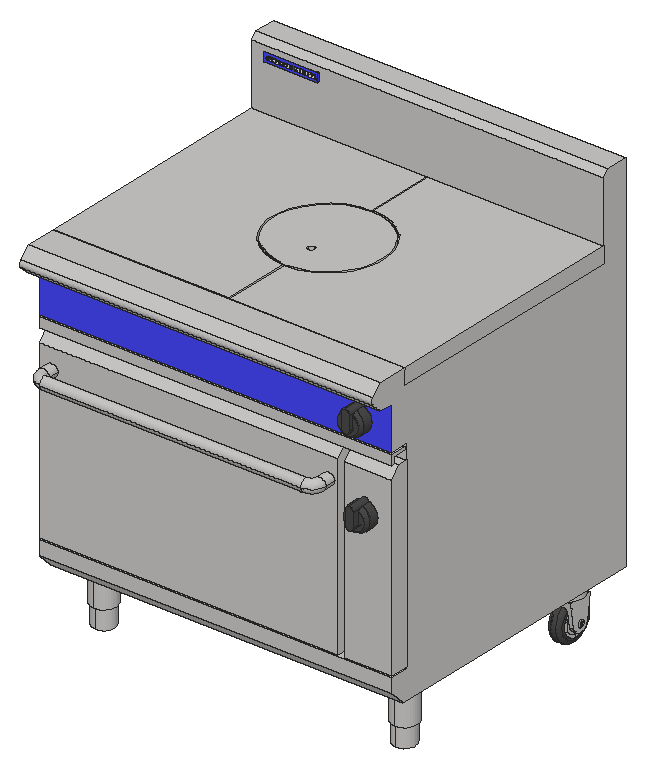
Revit family "QF_MOFFAT_BLUESEAL_CE_GE576", category Specialty Equipment, Revit 2012
Parameters
  Width = 900 mm
  Weight in Pounds = 606
  Watts = 6600 W
  Volts = 400 V
  URL Cutsheet = "www.moffat.com"
  URL = "www.moffat.com"
  Type Mark [instance] = ""
  Status [instance] = ""
  Specification by User [instance] = ""
  Specification by Manufacturer = ""
  Show Logo [instance] = yes
  Show Clearance [instance] = yes
  Show Casters [instance] = yes
  Serial Number = ""
  Seismic Rating = ""
  SMACNA No = ""
  Revision Code [instance] = ""
  Phase = 3
  Omniclass Number and Title = ""
  Number of Poles [instance] = 1
  NAFEM Spec ID Number = ""
  Model = "GE576"
  Min Ckt Ampacity = 0 A
  Mechanical Remarks = ""
  Mechanical Connection Type [instance] = ""
  Max Overcurrent Protection = 0 A
  Masterspec = ""
  Manufacturer = "MOFFAT BLUESEAL"
  Legs [instance] = not(Show Casters)  # no
  Item Number [instance] = ""
  Installed By [instance] = ""
  Identify Quantity as Lot [instance] = yes
  Height = 1085 mm
  HP = ""
  Gas Size = 3/4"
  Gas RI Height [instance] = 0 mm
  Gas KW [instance] = 12.5
  Gas Input [instance] = 42651.0 Btu/h
  Gas Connection Height = 0 mm
  Furnished By [instance] = ""
  Foodservice Equipment Identifier [instance] = yes
  FL Amps = 9.4 A
  Electrical Remarks = "9.4A PER PHASE"
  Electric Connection Type = ""
  Elec Conn RI Height = 0 mm
  Elec Conn Connection Height = 0 mm
  Description = "900MM GAS TARGET TOP RANGE WITH ELECTRIC CONVECTION OVEN"
  Depth = 812 mm
  Cycle = 50 Hz
  Conn Plug = ""
  Conn Conduit = yes
  CSI MasterFormat = ""
  CSI Master Format = ""
  Apparent Power = 0 VA
Reference planes
  plane 1 "BACK": y = 0
  plane 2: z = 0
  plane 3 "LEFT": x = 0
  plane 4 "RIGHT": x = 900
  plane 5 "FRONT": y = -812
  plane 6 "TOP": z = 970
  plane 7 "Center Y": x = 450
  plane 8 "Center X": y = -406
  plane 9: x = 280
  plane 10: y = -574.272
  plane 11: x = 60
  plane 12: y = -304.972
  plane 13: y = -364.972
  plane 14: x = 74
  plane 15: x = 834.5
  plane 16: y = -32
  plane 17: z = 655
  plane 18: z = 1085
Forms (mm)
  Extrusion 1, solid, material "QF_Finishes_Stainless Steel"
    sketch origin (0, 0, 0) x (0, 1, 0) y (0, 0, 1)
      loop
        line (0, 1085) -> (-57, 1085) -> (-70, 1072) -> (-70, 875) -> (-705, 875) -> (-705, 915) -> (-783.97, 915) -> (-808.503, 890.467)
        arc (-808.503, 890.467) -> (-812.01, 882) -> (-808.503, 873.533) r 11.974
        line (-808.503, 873.533) -> (-784.97, 850) -> (-749, 850) -> (-749, 740) -> (-699, 740) -> (-699, 222.5) -> (-749, 222.5) -> (-749, 186) -> (-713, 150) -> (0, 150) -> (0, 1085)
      loop
        line (-749, 710) -> (-740.224, 710) -> (-742.613, 726.999) -> (-707.93, 726.999) -> (-707.93, 734.003) -> (-749, 734.003) -> (-749, 710)
    from 0 to 900
  Extrusion 2, solid, material "QF_Finishes_Stainless Steel"
    sketch origin (0, 0, 0) x (0, 1, 0) y (0, 0, 1)
      loop
        line (-70, 915) -> (-705, 915) -> (-705, 875) -> (-70, 875) -> (-70, 915)
    from 0 to 900
  Revolve 3, solid, material "QF_Finishes_Black"
    sketch origin (824.351, 45.874, 0) x (0, 1, 0) y (0, 0, 1)
      loop
        line (-827.874, 829.5) -> (-838.874, 823.651) -> (-838.874, 797) -> (-794.874, 797) -> (-794.874, 802) -> (-804.874, 802) -> (-804.874, 829.5) -> (-827.874, 829.5)
      axis (-838.874, 797) -> (-794.874, 797)
    angle from 0 to 360
  Extrusion 4, solid, material "QF_Finishes_Black"
    sketch origin (676.544, 7, 0) x (1, 0, 0) y (0, 0, 1)
      loop
        line (158.3, 789) -> (158.3, 824)
        arc (158.3, 824) -> (148.3, 834) -> (138.3, 824) r 10
        line (138.3, 824) -> (138.3, 789)
        arc (138.3, 789) -> (148.3, 779) -> (158.3, 789) r 10
    from 759 to 808
  Extrusion 5, void
    sketch origin (0, -72.734, 915) x (1, 0, 0) y (0, -1, 0)
      loop
        line (447.967, 173.281) -> (447.967, -2.734) -> (452.2, -2.734) -> (452.2, 173.283)
        arc (452.2, 173.283) -> (592.5, 315.967) -> (451.798, 458.255) r 142.5
        line (451.798, 458.255) -> (451.798, 632.266) -> (447.7, 632.266) -> (447.7, 458.248)
        arc (447.7, 458.248) -> (307.5, 315.632) -> (447.967, 173.281) r 142.5
      loop
        circle (450, 315.766) r 138
      loop
        circle (450, 370.766) r 8.75
    from 0 to 10
  Revolve 6, solid, material "QF_Finishes_Stainless Steel"
    sketch origin (834.5, -696.126, 0) x (0, 1, 0) y (0, 0, -1)
      loop
        line (39.376, -150) -> (71.126, -150) -> (71.126, 0) -> (43.626, 0) -> (43.626, -50) -> (39.376, -50) -> (39.376, -150)
      axis (71.126, -150) -> (71.126, 0)
    angle from 0 to 360
  Revolve 7, solid, material "QF_Finishes_Stainless Steel"
    sketch origin (65.5, -696.126, 0) x (0, 1, 0) y (0, 0, 1)
      loop
        line (39.376, 150) -> (39.376, 50) -> (43.626, 50) -> (43.626, 0) -> (71.126, 0) -> (71.126, 150) -> (39.376, 150)
      axis (71.126, 150) -> (71.126, 0)
    angle from 0 to 360
  Extrusion 8, solid, material "QF_Finishes_Stainless Steel"
    sketch origin (-64.5, 0, 325) x (1, 0, 0) y (0, 1, 0)
      loop
        circle (834.5, -32) r 10
    from 330 to 411.219
  Extrusion 9, solid, material "QF_Finishes_Stainless Steel", visible <- "Show Casters"
    sketch origin (71.501, 133.353, -8.783) x (0, 1, 0) y (0, 0, 1)
      loop
        line (-201.603, 118.783) -> (-265.103, 118.783) -> (-252.746, 53.895)
        arc (-252.746, 53.895) -> (-233.353, 38.783) -> (-213.959, 53.895) r 20
        line (-213.959, 53.895) -> (-201.603, 118.783)
    from -35.667 to 22.923
  Revolve 10, solid, material "QF_Finishes_Stainless Steel", visible <- "Show Casters"
    sketch origin (65, -203, 0) x (0, 1, 0) y (0, 0, 1)
      loop
        line (67.25, 150) -> (67.25, 110) -> (103, 110) -> (103, 150) -> (67.25, 150)
      axis (103, 150) -> (103, 110)
    angle from 0 to 360
  Revolve 11, solid, material "QF_Finishes_Stainless Steel", visible <- "Show Casters"
    sketch origin (834.5, -203, 0) x (0, 1, 0) y (0, 0, -1)
      loop
        line (67.25, -150) -> (103, -150) -> (103, -110) -> (67.25, -110) -> (67.25, -150)
      axis (103, -150) -> (103, -110)
    angle from 0 to 360
  Revolve 12, solid, material "QF_Finishes_Stainless Steel", visible <- "Show Casters"
    sketch origin (785.276, -99.755, -13.653) x (1, 0, 0) y (0, 0, 1)
      loop
        line (14.841, 64.453) -> (83.584, 64.453) -> (83.584, 67.958) -> (82.314, 69.228) -> (80.79, 69.228) -> (80.79, 72.674) -> (68.644, 72.674) -> (68.644, 82.639) -> (65.088, 84.692) -> (63.738, 93.028) -> (65.881, 93.028) -> (65.881, 99.378) -> (65.088, 99.378) -> (65.088, 105.728)
        arc (65.088, 105.728) -> (62.298, 112.463) -> (55.563, 115.253) r 9.525
        line (55.563, 115.253) -> (42.863, 115.253)
        arc (42.863, 115.253) -> (36.127, 112.463) -> (33.338, 105.728) r 9.525
        line (33.338, 105.728) -> (33.338, 99.378) -> (32.544, 99.378) -> (32.544, 93.028) -> (34.687, 93.028) -> (33.352, 84.781) -> (29.782, 82.719) -> (29.782, 72.674) -> (17.635, 72.674) -> (17.635, 69.228) -> (16.111, 69.228) -> (14.841, 67.958) -> (14.841, 64.453)
      axis (14.841, 64.453) -> (83.584, 64.453)
    angle from 0 to 360
  Extrusion 13, solid, material "QF_Finishes_Stainless Steel", visible <- "Show Casters"
    sketch origin (841.001, 133.353, -8.783) x (0, 1, 0) y (0, 0, 1)
      loop
        line (-201.603, 118.783) -> (-265.103, 118.783) -> (-252.746, 53.895)
        arc (-252.746, 53.895) -> (-233.353, 38.783) -> (-213.959, 53.895) r 20
        line (-213.959, 53.895) -> (-201.603, 118.783)
    from -35.667 to 22.923
  Revolve 14, solid, material "QF_Finishes_Stainless Steel", visible <- "Legs"
    sketch origin (65, -165, 0) x (0, 1, 0) y (0, 0, 1)
      loop
        line (33.25, 150) -> (33.25, 50) -> (37.5, 50) -> (37.5, 0) -> (65, 0) -> (65, 150) -> (33.25, 150)
      axis (65, 150) -> (65, 0)
    angle from 0 to 360
  Revolve 15, solid, material "QF_Finishes_Stainless Steel", visible <- "Legs"
    sketch origin (834.5, -165, 0) x (0, 1, 0) y (0, 0, -1)
      loop
        line (33.25, -150) -> (65, -150) -> (65, 0) -> (37.5, 0) -> (37.5, -50) -> (33.25, -50) -> (33.25, -150)
      axis (65, -150) -> (65, 0)
    angle from 0 to 360
  Revolve 16, solid, material "QF_Finishes_Stainless Steel", visible <- "Show Casters"
    sketch origin (114.224, -99.755, -13.653) x (-1, 0, 0) y (0, 0, -1)
      loop
        line (14.841, -64.453) -> (14.841, -67.958) -> (16.111, -69.228) -> (17.635, -69.228) -> (17.635, -72.674) -> (29.782, -72.674) -> (29.782, -82.719) -> (33.352, -84.781) -> (34.687, -93.028) -> (32.544, -93.028) -> (32.544, -99.378) -> (33.338, -99.378) -> (33.338, -105.728)
        arc (33.338, -105.728) -> (36.127, -112.463) -> (42.863, -115.253) r 9.525
        line (42.863, -115.253) -> (55.563, -115.253)
        arc (55.563, -115.253) -> (62.298, -112.463) -> (65.088, -105.728) r 9.525
        line (65.088, -105.728) -> (65.088, -99.378) -> (65.881, -99.378) -> (65.881, -93.028) -> (63.738, -93.028) -> (65.088, -84.692) -> (68.644, -82.639) -> (68.644, -72.674) -> (80.79, -72.674) -> (80.79, -69.228) -> (82.314, -69.228) -> (83.584, -67.958) -> (83.584, -64.453) -> (14.841, -64.453)
      axis (14.841, -64.453) -> (83.584, -64.453)
    angle from 0 to 360
  Extrusion 17, void
    sketch origin (0, 0, 0) x (1, 0, 0) y (0, 1, 0)
      loop
        line (832.738, -87.26) -> (832.738, 30.24) -> (703.238, 30.24) -> (703.238, -38.76) -> (751.738, -87.26) -> (832.738, -87.26)
    from 200 to 736.219
  Extrusion 18, solid, material "QF_Finishes_Stainless Steel"
    sketch origin (723.5, 0, 0) x (0, 1, 0) y (0, 0, 1)
      loop
        line (-699, 700) -> (-725, 700) -> (-749, 676) -> (-749, 227.5) -> (-699, 227.5) -> (-699, 700)
    from 56.898 to 176.5
  Sweep 19, solid, material "QF_Finishes_Stainless Steel"
    path origin (0, -690.875, 633.125) x (0, -1, 0) y (1, 0, 0)
      loop
        line (50, 31.371) -> (86, 31.371)
        arc (86, 31.371) -> (100.142, 37.229) -> (106, 51.371) r 20
        line (106, 51.371) -> (106, 719.041)
        arc (106, 719.041) -> (100.142, 733.183) -> (86, 739.041) r 20
        line (86, 739.041) -> (50, 739.041)
    profile origin (385.206, -796.875, 633.125) x (0, 1, 0) y (0, 0, 1)
      loop
        circle (0, -10) r 15
  Revolve 20, solid, material "QF_Finishes_Black"
    sketch origin (839.351, 38.874, -213.6) x (0, 1, 0) y (0, 0, 1)
      loop
        line (-820.874, 829.5) -> (-831.874, 823.651) -> (-831.874, 797) -> (-787.874, 797) -> (-787.874, 802) -> (-797.874, 802) -> (-797.874, 829.5) -> (-820.874, 829.5)
      axis (-831.874, 797) -> (-787.874, 797)
    angle from 0 to 360
  Extrusion 21, solid, material "QF_Finishes_Black"
    sketch origin (691.544, 0, -213.6) x (1, 0, 0) y (0, 0, 1)
      loop
        line (158.3, 789) -> (158.3, 824)
        arc (158.3, 824) -> (148.3, 834) -> (138.3, 824) r 10
        line (138.3, 824) -> (138.3, 789)
        arc (138.3, 789) -> (148.3, 779) -> (158.3, 789) r 10
    from 759 to 808
  Extrusion 22, solid, material "QF_Door-Drawer Clearances", visible <- "Show Clearance", detail levels coarse
    sketch origin (0, 0, 0) x (0, -1, 0) y (0, 0, 1)
      loop
        line (749, 697.347) -> (749, 227.5) -> (1218.847, 227.5)
        arc (1218.847, 227.5) -> (1081.232, 559.732) -> (749, 697.347) r 469.847
    from 0 to -762.865
  Extrusion 23, solid, material "QF_Finishes_Stainless Steel"
    sketch origin (0, 0, 0) x (0, 1, 0) y (0, 0, 1)
      loop
        line (-699, 700) -> (-725, 700) -> (-749, 676) -> (-749, 227.5) -> (-699, 227.5) -> (-699, 700)
    from 0 to 762.865
  Extrusion 24, solid, material "QF_Finishes_Stainless Steel"
    sketch origin (0, -703.73, 150) x (1, 0, 0) y (0, -1, 0)
      loop
        circle (826, -202.73) r 6.35
    from 0 to 1.6
Cuts and joins
  Extrusion 5, Extrusion 17 cuts Extrusion 1
  Extrusion 5 cuts Extrusion 2
  joined: Extrusion 18, Sweep 19, Extrusion 23
Lines and regions (mm)
  Split face 1
    outline origin (900, 0, 1085) x (-1, 0, 0) y (0, -1, 0)
      loop
        arc (856, 18.185) -> (864.66, 23.185) -> (864.66, 33.185) r 10
        line (864.66, 33.185) -> (860.619, 40.185)
        arc (860.619, 40.185) -> (856.959, 43.846) -> (851.959, 45.185) r 10
        line (851.959, 45.185) -> (624, 45.185)
        arc (624, 45.185) -> (615.34, 40.185) -> (615.34, 30.185) r 10
        line (615.34, 30.185) -> (619.381, 23.185)
        arc (619.381, 23.185) -> (623.041, 19.525) -> (628.041, 18.185) r 10
        line (628.041, 18.185) -> (856, 18.185)
  Split face 2
    outline origin (900, 0, 1085) x (-1, 0, 0) y (0, -1, 0)
      loop
        arc (566, 18.185) -> (574.66, 23.185) -> (574.66, 33.185) r 10
        line (574.66, 33.185) -> (570.619, 40.185)
        arc (570.619, 40.185) -> (566.959, 43.846) -> (561.959, 45.185) r 10
        line (561.959, 45.185) -> (334, 45.185)
        arc (334, 45.185) -> (325.34, 40.185) -> (325.34, 30.185) r 10
        line (325.34, 30.185) -> (329.381, 23.185)
        arc (329.381, 23.185) -> (333.041, 19.525) -> (338.041, 18.185) r 10
        line (338.041, 18.185) -> (566, 18.185)
  Split face 3
    outline origin (900, 0, 1085) x (-1, 0, 0) y (0, -1, 0)
      loop
        arc (276, 18.185) -> (284.66, 23.185) -> (284.66, 33.185) r 10
        line (284.66, 33.185) -> (280.619, 40.185)
        arc (280.619, 40.185) -> (276.959, 43.846) -> (271.959, 45.185) r 10
        line (271.959, 45.185) -> (44, 45.185)
        arc (44, 45.185) -> (35.34, 40.185) -> (35.34, 30.185) r 10
        line (35.34, 30.185) -> (39.381, 23.185)
        arc (39.381, 23.185) -> (43.041, 19.525) -> (48.041, 18.185) r 10
        line (48.041, 18.185) -> (276, 18.185)
  Split face 4
    outline origin (738.5, -749, 759.426) x (0, 0, -1) y (1, 0, 0)
      loop
        circle (241.026, 102.765) r 7.15
  Split face 5
    outline origin (738.5, -749, 889.426) x (0, 0, -1) y (1, 0, 0)
      loop
        circle (241.026, 102.765) r 7.15
  symbolic lines
    curve 1: line (0, 0, 0) -> (0, -812, 0)
    curve 2: line (900, 0, 0) -> (0, 0, 0)
    curve 3: line (900, -812, 0) -> (900, 0, 0)
    curve 4: line (0, -70, 0) -> (900, -70, 0)
    curve 5: line (900, -812, 0) -> (0, -812, 0)
    curve 6: line (447.967, -72.734, 0) -> (447.967, -246.014, 0)
    curve 7: line (452.2, -246.017, 0) -> (452.2, -72.734, 0)
    curve 8: line (451.798, -705, 0) -> (451.798, -530.989, 0)
    curve 9: line (447.7, -530.981, 0) -> (447.7, -705, 0)
    curve 10: line (900, -72.734, 0) -> (0, -72.734, 0)
    curve 11: line (0, -705, 0) -> (900, -705, 0)
    curve 12: arc (452.2, -246.017, 0) -> (592.5, -388.701, 0) -> (451.798, -530.989, 0) r 142.5
    curve 13: arc (447.7, -530.981, 0) -> (307.5, -388.366, 0) -> (447.967, -246.014, 0) r 142.5
    curve 14: circle (450, -388.5, 0) r 138 normal (0, 0, 1)
    curve 15: arc (458.75, -443.5, 0) -> (450, -452.25, 0) -> (441.25, -443.5, 0) r 8.75
    curve 16: arc (441.25, -443.5, 0) -> (450, -434.75, 0) -> (458.75, -443.5, 0) r 8.75
    curve 17: line (900, -57, 0) -> (0, -57, 0)
    curve 18: line (276, -45.185, 0) -> (48.041, -45.185, 0)
    curve 19: arc (48.041, -45.185, 0) -> (43.041, -43.846, 0) -> (39.381, -40.185, 0) r 10
    curve 20: line (39.381, -40.185, 0) -> (35.34, -33.185, 0)
    curve 21: arc (35.34, -33.185, 0) -> (35.34, -23.185, 0) -> (44, -18.185, 0) r 10
    curve 22: line (44, -18.185, 0) -> (271.959, -18.185, 0)
    curve 23: arc (271.959, -18.185, 0) -> (276.959, -19.525, 0) -> (280.619, -23.185, 0) r 10
    curve 24: line (280.619, -23.185, 0) -> (284.66, -30.185, 0)
    curve 25: arc (284.66, -30.185, 0) -> (284.66, -40.185, 0) -> (276, -45.185, 0) r 10
    curve 26: line (566, -45.185, 0) -> (338.041, -45.185, 0)
    curve 27: arc (338.041, -45.185, 0) -> (333.041, -43.846, 0) -> (329.381, -40.185, 0) r 10
    curve 28: line (329.381, -40.185, 0) -> (325.34, -33.185, 0)
    curve 29: arc (325.34, -33.185, 0) -> (325.34, -23.185, 0) -> (334, -18.185, 0) r 10
    curve 30: line (334, -18.185, 0) -> (561.959, -18.185, 0)
    curve 31: arc (561.959, -18.185, 0) -> (566.959, -19.525, 0) -> (570.619, -23.185, 0) r 10
    curve 32: line (570.619, -23.185, 0) -> (574.66, -30.185, 0)
    curve 33: arc (574.66, -30.185, 0) -> (574.66, -40.185, 0) -> (566, -45.185, 0) r 10
    curve 34: line (856, -45.185, 0) -> (628.041, -45.185, 0)
    curve 35: arc (628.041, -45.185, 0) -> (623.041, -43.846, 0) -> (619.381, -40.185, 0) r 10
    curve 36: line (619.381, -40.185, 0) -> (615.34, -33.185, 0)
    curve 37: arc (615.34, -33.185, 0) -> (615.34, -23.185, 0) -> (624, -18.185, 0) r 10
    curve 38: line (624, -18.185, 0) -> (851.959, -18.185, 0)
    curve 39: arc (851.959, -18.185, 0) -> (856.959, -19.525, 0) -> (860.619, -23.185, 0) r 10
    curve 40: line (860.619, -23.185, 0) -> (864.66, -30.185, 0)
    curve 41: arc (864.66, -30.185, 0) -> (864.66, -40.185, 0) -> (856, -45.185, 0) r 10
    curve 42: line (0, -783.97, 0) -> (900, -783.97, 0)
  symbolic lines, style "QF_Door-Drawer Clearances"
    curve 43: line (0, -1218.847, 0) -> (0, -812, 0)
    curve 44: line (762.865, -812, 0) -> (762.865, -1218.847, 0)
    curve 45: line (762.865, -1218.847, 0) -> (0, -1218.847, 0)
Dimensions and locks
  equal spacing: plane 3 "LEFT", plane 7 "Center Y", plane 4 "RIGHT"
  "Width": plane 3 "LEFT" to plane 4 "RIGHT"
  equal spacing: plane 5 "FRONT", plane 8 "Center X", plane 1 "BACK"
  "Depth": plane 5 "FRONT" to plane 1 "BACK"
  equal spacing: plane 4 "RIGHT", plane 7 "Center Y", plane 3 "LEFT"
  plane 4 "RIGHT" to plane 3 "LEFT" = 900 mm
  plane 5 "FRONT" to plane 1 "BACK" = 812 mm
  plane 10 to plane 1 "BACK" = 574.272 mm
  plane 12 to plane 1 "BACK" = 304.972 mm  (x2)
  plane 11 to plane 3 "LEFT" = 60 mm
  plane 14 to plane 3 "LEFT" = 74 mm
  plane 9 to plane 3 "LEFT" = 280 mm
  plane 6 "TOP" to plane 2 = 970 mm
  plane 17 to level = 655 mm
  Revolve 12 sketch curve to Revolve 12 sketch curve = 50.8 mm
  Revolve 16 sketch curve to Revolve 16 sketch curve = 50.8 mm
  plane 18 to level = 1085 mm  (x2)
  Extrusion 24 sketch curve to plane 4 "RIGHT" = 74 mm
  Extrusion 24 sketch curve to plane 1 "BACK" = 501 mm
  aligned and locked: level to plane 2
  aligned and locked: curve 3 to plane 4 "RIGHT"
  aligned and locked: Extrusion 1 to Extrusion 2  (x2)
Automatic sketch dimensions
  curve 12 to curve 13 = 0 mm  (x2)
  curve 12 to curve 14 = 0 mm  (x2)
  curve 13 to curve 14 = 0 mm  (x2)
  curve 15 to curve 16 = 0 mm  (x2)
  plane 1 "BACK" to curve 1 = 0 mm
  curve 1 to plane 3 "LEFT" = 0 mm
  curve 15 to plane 7 "Center Y" = 0 mm
  curve 12 to plane 7 "Center Y" = 0 mm
  plane 5 "FRONT" to curve 44 = 0 mm
  curve 20 to plane 16 = 1.185 mm
  curve 20 to plane 11 = 24.66 mm
  curve 21 to curve 19 = 4.041 mm
  curve 21 to plane 11 = 16 mm
  curve 19 to curve 19 = 8.66 mm
  curve 23 to plane 9 = 8.041 mm
  curve 25 to plane 9 = 4 mm
  plane 9 to curve 23 = 0.619 mm
  plane 16 to curve 25 = 1.815 mm
  plane 9 to curve 25 = 4.66 mm
  curve 29 to plane 16 = 1.185 mm
  curve 24 to curve 29 = 40.679 mm
  curve 29 to curve 27 = 4.041 mm
  plane 16 to curve 29 = 3.815 mm
  curve 28 to curve 29 = 8.66 mm
  curve 27 to curve 27 = 8.66 mm
  curve 15 to plane 7 "Center Y" = 8.75 mm
  curve 9 to plane 7 "Center Y" = 2.3 mm
  curve 6 to plane 7 "Center Y" = 2.033 mm
  plane 7 "Center Y" to curve 12 = 1.798 mm
  plane 7 "Center Y" to curve 7 = 2.2 mm
  plane 7 "Center Y" to curve 31 = 111.959 mm
  curve 31 to curve 33 = 4.041 mm
  curve 30 to curve 31 = 8.66 mm
  plane 16 to curve 33 = 1.815 mm
  curve 32 to curve 33 = 4.041 mm
  curve 37 to plane 16 = 1.185 mm
  curve 32 to curve 37 = 40.679 mm
  curve 37 to curve 35 = 4.041 mm  (x2)
  curve 36 to curve 38 = 8.66 mm
  curve 35 to plane 16 = 3.185 mm
  curve 44 to plane 15 = 71.635 mm
  plane 15 to curve 39 = 17.459 mm
  curve 39 to curve 41 = 4.041 mm  (x2)
  plane 16 to curve 40 = 8.815 mm
  curve 39 to curve 40 = 8.66 mm
  plane 16 to curve 41 = 1.815 mm
  plane 5 "FRONT" to curve 44 = 406.847 mm
  curve 42 to plane 5 "FRONT" = 28.03 mm
  curve 42 to curve 11 = 78.97 mm
  plane 10 to curve 8 = 43.284 mm
  curve 12 to curve 13 = 0.007 mm
  curve 16 to plane 8 "Center X" = 37.5 mm
  plane 8 "Center X" to curve 12 = 17.5 mm
  curve 10 to plane 16 = 40.734 mm
  curve 10 to curve 4 = 2.734 mm
  curve 4 to curve 17 = 13 mm
  curve 26 to plane 16 = 13.185 mm
  curve 19 to plane 16 = 13.185 mm
  curve 34 to plane 16 = 13.185 mm
  curve 28 to curve 29 = 7 mm
  curve 19 to curve 21 = 7 mm
  plane 16 to curve 31 = 3.815 mm
  plane 16 to curve 37 = 3.815 mm
  plane 16 to curve 21 = 3.815 mm
  plane 16 to curve 23 = 3.815 mm
  plane 18 to Extrusion 1 sketch curve = 0 mm
  Extrusion 1 sketch curve to plane 1 "BACK" = 0 mm
  Extrusion 1 sketch curve to plane 16 = 25 mm
  plane 18 to Extrusion 1 sketch curve = 13 mm
  Extrusion 1 sketch curve to Extrusion 1 sketch curve = 13 mm
  Extrusion 1 sketch curve to plane 5 "FRONT" = 113 mm
  Extrusion 1 sketch curve to plane 5 "FRONT" = 107 mm
  Extrusion 1 sketch curve to Extrusion 1 sketch curve = 8.93 mm
  Extrusion 1 sketch curve to Extrusion 1 sketch curve = 14 mm
  Extrusion 1 sketch curve to Extrusion 1 sketch curve = 32.294 mm
  Extrusion 1 sketch curve to Extrusion 1 sketch curve = 2.389 mm
  Extrusion 1 sketch curve to Extrusion 1 sketch curve = 8.776 mm
  Extrusion 1 sketch curve to Extrusion 1 sketch curve = 44 mm
  Extrusion 1 sketch curve to Extrusion 1 sketch curve = 50 mm
  Extrusion 1 sketch curve to plane 5 "FRONT" = 28.03 mm
  Extrusion 1 sketch curve to plane 5 "FRONT" = 27.03 mm
  Extrusion 1 sketch curve to plane 5 "FRONT" = 11.964 mm
  Extrusion 1 sketch curve to plane 5 "FRONT" = 3.497 mm  (x2)
  Extrusion 1 sketch curve to plane 6 "TOP" = 55 mm
  Extrusion 1 sketch curve to Extrusion 1 sketch curve = 24.533 mm
  Extrusion 1 sketch curve to Extrusion 1 sketch curve = 8.467 mm
  Extrusion 1 sketch curve to Extrusion 1 sketch curve = 40 mm
  Extrusion 1 sketch curve to Extrusion 1 sketch curve = 23.533 mm
  plane 17 to Extrusion 1 sketch curve = 85 mm
  Extrusion 1 sketch curve to Extrusion 1 sketch curve = 5.997 mm
  Extrusion 1 sketch curve to Extrusion 1 sketch curve = 7.004 mm
  Extrusion 1 sketch curve to Extrusion 1 sketch curve = 16.999 mm
  level to Extrusion 1 sketch curve = 222.5 mm
  Extrusion 1 sketch curve to Extrusion 1 sketch curve = 36.5 mm
  level to Extrusion 1 sketch curve = 150 mm
  Extrusion 2 sketch curve to plane 5 "FRONT" = 107 mm
  Extrusion 2 sketch curve to plane 16 = 38 mm
  Extrusion 2 sketch curve to plane 6 "TOP" = 95 mm
  Extrusion 2 sketch curve to Extrusion 2 sketch curve = 40 mm
  Revolve 3 sketch curve to plane 5 "FRONT" = 19 mm
  Revolve 3 sketch curve to Revolve 3 sketch curve = 0 mm  (x2)
  Revolve 3 sketch curve to Revolve 3 sketch curve = 11 mm
  Revolve 3 sketch curve to Revolve 3 sketch curve = 12.7 mm
  Revolve 3 sketch curve to Revolve 3 sketch curve = 23 mm
  Revolve 3 sketch curve to Revolve 3 sketch curve = 10 mm
  plane 17 to Revolve 3 sketch curve = 142 mm
  Revolve 3 sketch curve to Revolve 3 sketch curve = 5 mm
  Revolve 3 sketch curve to Revolve 3 sketch curve = 26.651 mm
  Revolve 3 sketch curve to Revolve 3 sketch curve = 5.849 mm
  Extrusion 4 sketch curve to plane 15 = 19.656 mm
  Extrusion 4 sketch curve to plane 15 = 9.656 mm
  plane 17 to Extrusion 4 sketch curve = 134 mm
  Extrusion 4 sketch curve to Extrusion 4 sketch curve = 35 mm
  Extrusion 5 sketch curve to Extrusion 5 sketch curve = 0 mm  (x13)
  Extrusion 5 sketch curve to Extrusion 2 = 0 mm
  Extrusion 2 to Extrusion 5 sketch curve = 0 mm
  Extrusion 2 to Extrusion 5 sketch curve = 447.7 mm
  Extrusion 2 to Extrusion 5 sketch curve = 447.967 mm
  Extrusion 5 sketch curve to Extrusion 5 sketch curve = 2.3 mm
  Extrusion 5 sketch curve to Extrusion 5 sketch curve = 4.098 mm
  Extrusion 5 sketch curve to Extrusion 5 sketch curve = 4.232 mm
  Extrusion 2 to Extrusion 5 sketch curve = 174.011 mm
  Extrusion 5 sketch curve to Extrusion 5 sketch curve = 0.007 mm
  Extrusion 5 sketch curve to Extrusion 5 sketch curve = 4.489 mm
  Extrusion 5 sketch curve to Extrusion 5 sketch curve = 83 mm
  Extrusion 5 sketch curve to Extrusion 5 sketch curve = 55 mm
  Revolve 6 sketch curve to level = 0 mm
  Revolve 6 sketch curve to plane 10 = 82.478 mm
  Revolve 6 sketch curve to Revolve 6 sketch curve = 4.25 mm
  Revolve 6 sketch curve to Revolve 6 sketch curve = 27.5 mm  (x2)
  level to Revolve 6 sketch curve = 50 mm
  Revolve 6 sketch curve to Revolve 6 sketch curve = 0 mm
  Revolve 6 sketch curve to Revolve 6 sketch curve = 100 mm
  Revolve 6 sketch curve to Revolve 6 sketch curve = 55 mm
  Revolve 7 sketch curve to level = 0 mm
  Revolve 7 sketch curve to plane 10 = 82.478 mm
  Revolve 7 sketch curve to Revolve 7 sketch curve = 4.25 mm
  Revolve 7 sketch curve to Revolve 7 sketch curve = 27.5 mm  (x2)
  Revolve 7 sketch curve to level = 55 mm
  Revolve 7 sketch curve to Revolve 7 sketch curve = 50 mm
  Revolve 7 sketch curve to Revolve 7 sketch curve = 0 mm
  Revolve 7 sketch curve to Revolve 7 sketch curve = 100 mm
  Extrusion 8 sketch curve to plane 16 = 0 mm
  Extrusion 8 sketch curve to plane 15 = 64.5 mm
  cut or joined group of Extrusion 1, Extrusion 5, Extrusion 17 to Split face 1 sketch curve = 26.815 mm
  Split face 1 sketch curve to cut or joined group of Extrusion 1, Extrusion 5, Extrusion 17 = 284.66 mm
  Split face 1 sketch curve to Split face 1 sketch curve = 4.041 mm  (x4)
  Split face 1 sketch curve to Split face 1 sketch curve = 8.66 mm  (x2)
  cut or joined group of Extrusion 1, Extrusion 5, Extrusion 17 to Split face 1 sketch curve = 11.815 mm
  Split face 1 sketch curve to cut or joined group of Extrusion 1, Extrusion 5, Extrusion 17 = 48.041 mm
  Split face 1 sketch curve to Split face 1 sketch curve = 7 mm  (x3)
  Split face 1 sketch curve to Split face 1 sketch curve = 17 mm
  cut or joined group of Extrusion 1, Extrusion 5, Extrusion 17 to Split face 2 sketch curve = 26.815 mm
  Split face 2 sketch curve to cut or joined group of Extrusion 1, Extrusion 5, Extrusion 17 = 325.34 mm
  Split face 2 sketch curve to Split face 2 sketch curve = 4.041 mm  (x4)
  Split face 2 sketch curve to Split face 2 sketch curve = 8.66 mm  (x2)
  cut or joined group of Extrusion 1, Extrusion 5, Extrusion 17 to Split face 2 sketch curve = 11.815 mm
  Split face 2 sketch curve to Split face 2 sketch curve = 223.917 mm
  Split face 2 sketch curve to Split face 2 sketch curve = 7 mm  (x3)
  Split face 2 sketch curve to Split face 2 sketch curve = 17 mm
  Split face 3 sketch curve to cut or joined group of Extrusion 1, Extrusion 5, Extrusion 17 = 35.34 mm
  Split face 3 sketch curve to Split face 3 sketch curve = 4.041 mm  (x4)
  Split face 3 sketch curve to Split face 3 sketch curve = 8.66 mm  (x2)
  cut or joined group of Extrusion 1, Extrusion 5, Extrusion 17 to Split face 3 sketch curve = 11.815 mm
  Split face 3 sketch curve to Split face 3 sketch curve = 223.917 mm
  Split face 3 sketch curve to Split face 3 sketch curve = 5 mm
  Split face 3 sketch curve to Split face 3 sketch curve = 10 mm
  Split face 3 sketch curve to Split face 3 sketch curve = 7 mm  (x3)
  Extrusion 9 sketch curve to plane 16 = 99.75 mm
  Extrusion 9 sketch curve to Extrusion 9 sketch curve = 12.357 mm
  Extrusion 9 sketch curve to Extrusion 9 sketch curve = 19.393 mm  (x2)
  level to Extrusion 9 sketch curve = 45.111 mm
  Extrusion 9 sketch curve to plane 16 = 36.25 mm
  Extrusion 9 sketch curve to Extrusion 9 sketch curve = 4.889 mm
  Extrusion 9 sketch curve to Extrusion 9 sketch curve = 64.889 mm
  Revolve 10 sketch curve to plane 16 = 103.75 mm
  Revolve 10 sketch curve to plane 16 = 68 mm
  Revolve 10 sketch curve to Revolve 10 sketch curve = 35.75 mm
  Revolve 10 sketch curve to level = 55 mm
  level to Revolve 10 sketch curve = 50 mm
  Revolve 10 sketch curve to Revolve 10 sketch curve = 60 mm
  Revolve 10 sketch curve to Revolve 10 sketch curve = 40 mm
  Revolve 11 sketch curve to plane 16 = 103.75 mm
  Revolve 11 sketch curve to plane 16 = 68 mm
  Revolve 11 sketch curve to Revolve 11 sketch curve = 35.75 mm
  level to Revolve 11 sketch curve = 150 mm
  Revolve 11 sketch curve to Revolve 11 sketch curve = 40 mm
  level to Revolve 11 sketch curve = 50 mm
  Revolve 11 sketch curve to level = 55 mm
  Revolve 12 sketch curve to plane 15 = 34.382 mm
  Revolve 12 sketch curve to Revolve 12 sketch curve = 1.27 mm  (x4)
  Revolve 12 sketch curve to Revolve 12 sketch curve = 1.524 mm  (x2)
  Revolve 12 sketch curve to Revolve 12 sketch curve = 12.146 mm  (x2)
  Revolve 12 sketch curve to plane 15 = 16.68 mm
  Revolve 12 sketch curve to Revolve 12 sketch curve = 0.794 mm  (x2)
  Revolve 12 sketch curve to Revolve 12 sketch curve = 3.57 mm
  Revolve 12 sketch curve to Revolve 12 sketch curve = 2.143 mm
  Revolve 12 sketch curve to plane 15 = 6.361 mm
  plane 15 to Revolve 12 sketch curve = 5.13 mm
  plane 15 to Revolve 12 sketch curve = 6.339 mm
  plane 15 to Revolve 12 sketch curve = 14.515 mm
  Revolve 12 sketch curve to Revolve 12 sketch curve = 1.349 mm  (x2)
  Revolve 12 sketch curve to Revolve 12 sketch curve = 3.556 mm
  Revolve 12 sketch curve to plane 4 "RIGHT" = 2.18 mm
  level to Revolve 12 sketch curve = 50.8 mm
  Revolve 12 sketch curve to Revolve 12 sketch curve = 0 mm
  Revolve 12 sketch curve to Revolve 12 sketch curve = 3.505 mm  (x2)
  Revolve 12 sketch curve to Revolve 12 sketch curve = 3.447 mm  (x2)
  Revolve 12 sketch curve to Revolve 12 sketch curve = 9.964 mm
  Revolve 12 sketch curve to Revolve 12 sketch curve = 10.045 mm
  Revolve 12 sketch curve to Revolve 12 sketch curve = 2.053 mm
  Revolve 12 sketch curve to Revolve 12 sketch curve = 2.061 mm
  Revolve 12 sketch curve to Revolve 12 sketch curve = 8.247 mm
  Revolve 12 sketch curve to Revolve 12 sketch curve = 8.336 mm
  Revolve 12 sketch curve to Revolve 12 sketch curve = 6.35 mm  (x2)
  Extrusion 13 sketch curve to plane 16 = 99.75 mm
  Extrusion 13 sketch curve to Extrusion 13 sketch curve = 12.357 mm
  Extrusion 13 sketch curve to Extrusion 13 sketch curve = 19.393 mm  (x2)
  level to Extrusion 13 sketch curve = 45.111 mm
  Extrusion 13 sketch curve to plane 16 = 36.25 mm
  Extrusion 13 sketch curve to Extrusion 13 sketch curve = 4.889 mm
  Extrusion 13 sketch curve to Extrusion 13 sketch curve = 64.889 mm
  Revolve 14 sketch curve to level = 0 mm
  Revolve 14 sketch curve to plane 16 = 99.75 mm
  Revolve 14 sketch curve to Revolve 14 sketch curve = 4.25 mm
  Revolve 14 sketch curve to Revolve 14 sketch curve = 27.5 mm  (x2)
  Revolve 14 sketch curve to level = 55 mm
  Revolve 14 sketch curve to Revolve 14 sketch curve = 50 mm
  Revolve 14 sketch curve to Revolve 14 sketch curve = 0 mm
  Revolve 14 sketch curve to Revolve 14 sketch curve = 100 mm
  Revolve 15 sketch curve to level = 0 mm
  Revolve 15 sketch curve to plane 16 = 99.75 mm
  Revolve 15 sketch curve to Revolve 15 sketch curve = 4.25 mm
  Revolve 15 sketch curve to Revolve 15 sketch curve = 27.5 mm  (x2)
  level to Revolve 15 sketch curve = 50 mm
  Revolve 15 sketch curve to Revolve 15 sketch curve = 0 mm
  Revolve 15 sketch curve to Revolve 15 sketch curve = 100 mm
  Revolve 15 sketch curve to Revolve 15 sketch curve = 55 mm
  plane 14 to Revolve 16 sketch curve = 25.382 mm
  Revolve 16 sketch curve to Revolve 16 sketch curve = 1.27 mm  (x4)
  Revolve 16 sketch curve to Revolve 16 sketch curve = 1.524 mm  (x2)
  plane 14 to Revolve 16 sketch curve = 10.442 mm
  plane 14 to Revolve 16 sketch curve = 7.68 mm
  Revolve 16 sketch curve to Revolve 16 sketch curve = 0.794 mm  (x2)
  Revolve 16 sketch curve to Revolve 16 sketch curve = 3.57 mm
  Revolve 16 sketch curve to Revolve 16 sketch curve = 2.143 mm
  Revolve 16 sketch curve to plane 14 = 2.639 mm
  Revolve 16 sketch curve to plane 11 = 0.13 mm
  Revolve 16 sketch curve to plane 11 = 1.339 mm
  Revolve 16 sketch curve to plane 11 = 9.515 mm
  Revolve 16 sketch curve to Revolve 16 sketch curve = 1.349 mm  (x2)
  Revolve 16 sketch curve to Revolve 16 sketch curve = 3.556 mm
  Revolve 16 sketch curve to Revolve 16 sketch curve = 12.146 mm
  Revolve 16 sketch curve to plane 3 "LEFT" = 2.68 mm
  level to Revolve 16 sketch curve = 101.6 mm
  Revolve 16 sketch curve to Revolve 16 sketch curve = 6.35 mm  (x4)
  Revolve 16 sketch curve to Revolve 16 sketch curve = 8.247 mm
  Revolve 16 sketch curve to Revolve 16 sketch curve = 8.336 mm
  Revolve 16 sketch curve to Revolve 16 sketch curve = 2.061 mm
  Revolve 16 sketch curve to Revolve 16 sketch curve = 2.053 mm
  Revolve 16 sketch curve to Revolve 16 sketch curve = 10.045 mm
  Revolve 16 sketch curve to Revolve 16 sketch curve = 9.964 mm
  Revolve 16 sketch curve to Revolve 16 sketch curve = 3.447 mm  (x2)
  Revolve 16 sketch curve to Revolve 16 sketch curve = 3.505 mm
  Extrusion 17 sketch curve to plane 1 "BACK" = 30.24 mm
  Extrusion 17 sketch curve to plane 15 = 131.262 mm
  Extrusion 17 sketch curve to Extrusion 17 sketch curve = 48.5 mm
  Extrusion 17 sketch curve to plane 15 = 1.762 mm
  Extrusion 17 sketch curve to plane 16 = 6.76 mm
  Extrusion 17 sketch curve to plane 16 = 55.26 mm
  Extrusion 18 sketch curve to plane 5 "FRONT" = 63 mm
  Extrusion 18 sketch curve to Extrusion 18 sketch curve = 24 mm
  Extrusion 18 sketch curve to Extrusion 18 sketch curve = 50 mm
  level to Extrusion 18 sketch curve = 227.5 mm
  plane 17 to Extrusion 18 sketch curve = 21 mm
  plane 17 to Extrusion 18 sketch curve = 45 mm
  Sweep 19 sketch curve to plane 5 "FRONT" = 71.125 mm  (x2)
  Sweep 19 sketch curve to plane 11 = 28.629 mm
  Sweep 19 sketch curve to plane 5 "FRONT" = 35.125 mm  (x2)
  Sweep 19 sketch curve to plane 5 "FRONT" = 15.125 mm
  Sweep 19 sketch curve to plane 15 = 115.459 mm
  Sweep 19 sketch curve to profile plane = 0 mm
  Sweep 19 sketch curve to profile plane = 10 mm
  Revolve 20 sketch curve to plane 5 "FRONT" = 19 mm
  Revolve 20 sketch curve to Revolve 20 sketch curve = 0 mm  (x2)
  Revolve 20 sketch curve to Revolve 20 sketch curve = 11 mm
  Revolve 20 sketch curve to Revolve 20 sketch curve = 12.7 mm
  Revolve 20 sketch curve to Revolve 20 sketch curve = 23 mm
  Revolve 20 sketch curve to Revolve 20 sketch curve = 10 mm
  Revolve 20 sketch curve to Revolve 20 sketch curve = 5.849 mm
  Extrusion 21 sketch curve to plane 15 = 4.656 mm
  plane 15 to Extrusion 21 sketch curve = 5.344 mm
  Extrusion 22 sketch curve to plane 5 "FRONT" = 63 mm
  level to Extrusion 22 sketch curve = 227.5 mm
  plane 5 "FRONT" to Extrusion 22 sketch curve = 406.847 mm
  Extrusion 23 sketch curve to plane 5 "FRONT" = 63 mm
  Extrusion 23 sketch curve to Extrusion 23 sketch curve = 24 mm
  Extrusion 23 sketch curve to Extrusion 23 sketch curve = 50 mm
  level to Extrusion 23 sketch curve = 227.5 mm
  plane 17 to Extrusion 23 sketch curve = 21 mm
  plane 17 to Extrusion 23 sketch curve = 45 mm
  Split face 4 sketch curve to Extrusion 18 = 58.735 mm
  Split face 4 sketch curve to Extrusion 18 = 157.6 mm
  Split face 5 sketch curve to Extrusion 18 = 27.6 mm
  Split face 5 sketch curve to Extrusion 18 = 58.735 mm
  Revolve 20 sketch curve to plane 17 = 71.6 mm
  Revolve 20 sketch curve to Revolve 20 sketch curve = 5 mm
  Revolve 20 sketch curve to Revolve 20 sketch curve = 26.651 mm
  Extrusion 21 sketch curve to plane 17 = 79.6 mm
  Extrusion 21 sketch curve to Extrusion 21 sketch curve = 35 mm
  radius of curve 14 = 138 mm
  radius of Extrusion 5 sketch curve = 8.75 mm
  radius of Extrusion 8 sketch curve = 10 mm
  radius of Sweep 19 sketch curve = 15 mm
  radius of Split face 4 sketch curve = 7.15 mm
  radius of Split face 5 sketch curve = 7.15 mm
  radius of Extrusion 24 sketch curve = 6.35 mm
Nested families
  nested 1: "WALDORF LOGO_FACE BASE" at (32, -70, 1055.959) x (1, 0, 0) z (0, -1, 0), visible <- "Show Logo", type "WALDORF LOGO_FACE BASE", detail levels medium+fine
    with Show Logo yes
Connectors
  piping at (770, -32, 655)
    settings: on Extrusion 8, index 4, connector radius 0.37402", flow factor 0, pipe flow 0 GPM, pressure drop 0.00 psi, fitting loss kfactor 0, connector angle 0.00°, fixture units 0, engagement length 0 mm, flow configuration 1, flow direction 1, fitting loss method 0, system type 7, joint type 0, gender type 0, connector reference index -1, connector utility 0, adjustable connector no, is connector primary yes, fitting loss table "", connector description "GAS CONNECTION"
  electrical at (826, -501, 148.4), driven by "Volts", driven by "Watts"
    settings: on Extrusion 24, index 5, voltage 400 V, apparent load 6600 VA, apparent load phase1 0 VA, apparent load phase2 0 VA, apparent load phase3 0 VA, power factor 1, load classification "Other", number of poles 1, system type 30, power factor state 1, is connector primary yes, connector utility no, sub classification motor no, connector description "ELECTRICAL CONNECTION"
Definition of nested family "WALDORF LOGO_FACE BASE"
  Parameters (values of type "WALDORF LOGO_FACE BASE")
    Show Logo [instance] = yes
    Default Elevation = 1219.2 mm
  Reference planes
    plane 1 "Center (Front/Back)": y = 0
    plane 2: z = 0
    plane 3 "Center (Left/Right)": x = 0
  Forms (mm)
    Extrusion 1, solid
      sketch origin (0, 0, 0) x (1, 0, 0) y (0, 1, 0)
        loop
          line (-1219.2, 1219.2) -> (-1219.2, -1219.2) -> (1219.2, -1219.2) -> (1219.2, 1219.2) -> (-1219.2, 1219.2)
      from 0 to -304.8
    Extrusion 2, solid, material "QF_Finishes_Blue", visible <- "Show Logo"
      sketch origin (0, -33.217, 0) x (1, 0, 0) y (0, 1, 0)
        loop
          arc (138, 31.942) -> (137.626, 32.844) -> (136.724, 33.217) r 1.276
          line (136.724, 33.217) -> (1.29, 33.217)
          arc (1.29, 33.217) -> (0.378, 32.839) -> (0, 31.927) r 1.29
          line (0, 31.927) -> (0, 11.507)
          arc (0, 11.507) -> (0.378, 10.595) -> (1.29, 10.217) r 1.29
          line (1.29, 10.217) -> (136.71, 10.217)
          arc (136.71, 10.217) -> (137.622, 10.595) -> (138, 11.507) r 1.29
          line (138, 11.507) -> (138, 31.942)
      from 0 to 1.588
    Extrusion 3, solid, material "QF_Finishes_White", visible <- "Show Logo"
      sketch origin (0, -33.217, 1.588) x (1, 0, 0) y (0, 1, 0)
        loop
          arc (108.946, 25.919) -> (107.613, 25.367) -> (107.061, 24.034) r 1.885
          line (107.061, 24.034) -> (107.061, 17.211) -> (112.704, 17.211) -> (112.704, 19.129) -> (115.546, 19.129) -> (115.546, 17.211) -> (121.584, 17.211) -> (121.584, 24.075)
          arc (121.584, 24.075) -> (121.043, 25.379) -> (119.739, 25.919) r 1.845
          line (119.739, 25.919) -> (108.946, 25.919)
        loop
          line (123.478, 25.919) -> (123.478, 17.163) -> (134.904, 17.163) -> (134.904, 19.129) -> (129.246, 19.129) -> (129.246, 25.919) -> (123.478, 25.919)
        loop
          line (112.704, 21.258) -> (115.546, 21.258) -> (115.546, 22.702)
          arc (115.546, 22.702) -> (115.344, 23.188) -> (114.858, 23.389) r 0.687
          line (114.858, 23.389) -> (113.363, 23.389)
          arc (113.363, 23.389) -> (112.897, 23.196) -> (112.704, 22.73) r 0.658
          line (112.704, 22.73) -> (112.704, 21.258)
        loop
          line (105.071, 25.919) -> (93.771, 25.919) -> (93.771, 17.163) -> (105.071, 17.163) -> (105.071, 19.063) -> (99.535, 19.063) -> (99.535, 20.437) -> (105.071, 20.437) -> (105.071, 22.278) -> (99.535, 22.278) -> (99.535, 23.587) -> (105.071, 23.587) -> (105.071, 25.919)
        loop
          line (91.104, 25.919) -> (79.541, 25.919)
          arc (79.541, 25.919) -> (78.558, 25.513) -> (78.152, 24.53) r 1.389
          line (78.152, 24.53) -> (78.152, 22.08)
          arc (78.152, 22.08) -> (78.558, 21.098) -> (79.541, 20.691) r 1.389
          line (79.541, 20.691) -> (86.346, 20.691) -> (86.346, 18.864) -> (83.266, 18.864) -> (83.266, 19.664) -> (78.152, 19.664) -> (78.152, 18.553)
          arc (78.152, 18.553) -> (78.558, 17.57) -> (79.541, 17.163) r 1.389
          line (79.541, 17.163) -> (91.063, 17.163)
          arc (91.063, 17.163) -> (92.045, 17.57) -> (92.452, 18.553) r 1.389
          line (92.452, 18.553) -> (92.452, 20.691)
          arc (92.452, 20.691) -> (92.045, 21.673) -> (91.063, 22.08) r 1.389
          line (91.063, 22.08) -> (83.266, 22.08) -> (83.266, 23.984) -> (86.346, 23.984) -> (86.346, 22.743) -> (92.452, 22.743) -> (92.452, 24.571)
          arc (92.452, 24.571) -> (92.057, 25.524) -> (91.104, 25.919) r 1.348
        loop
          line (70.705, 25.919) -> (59.405, 25.919) -> (59.405, 17.163) -> (70.705, 17.163) -> (70.705, 19.063) -> (65.169, 19.063) -> (65.169, 20.437) -> (70.705, 20.437) -> (70.705, 22.278) -> (65.169, 22.278) -> (65.169, 23.587) -> (70.705, 23.587) -> (70.705, 25.919)
        loop
          line (57.598, 25.919) -> (51.7, 25.919) -> (51.7, 20.18)
          arc (51.7, 20.18) -> (50.63, 19.11) -> (49.56, 20.18) r 1.07
          line (49.56, 20.18) -> (49.56, 25.919) -> (43.663, 25.919) -> (43.663, 19.049)
          arc (43.663, 19.049) -> (44.215, 17.716) -> (45.548, 17.163) r 1.885
          line (45.548, 17.163) -> (55.71, 17.163)
          arc (55.71, 17.163) -> (57.045, 17.716) -> (57.598, 19.051) r 1.887
          line (57.598, 19.051) -> (57.598, 25.919)
        loop
          line (31.62, 25.919) -> (31.62, 17.163) -> (43.046, 17.163) -> (43.046, 19.129) -> (37.388, 19.129) -> (37.388, 25.919) -> (31.62, 25.919)
        loop
          line (15.969, 25.919) -> (15.969, 17.163) -> (28.693, 17.163)
          arc (28.693, 17.163) -> (29.812, 17.627) -> (30.276, 18.746) r 1.582
          line (30.276, 18.746) -> (30.276, 20.447) -> (29.48, 21.243) -> (30.276, 22.039) -> (30.276, 24.332)
          arc (30.276, 24.332) -> (29.811, 25.454) -> (28.688, 25.919) r 1.587
          line (28.688, 25.919) -> (15.969, 25.919)
        loop
          line (21.449, 24.159) -> (21.449, 22.436) -> (23.862, 22.436)
          arc (23.862, 22.436) -> (24.723, 23.298) -> (23.862, 24.159) r 0.861
          line (23.862, 24.159) -> (21.449, 24.159)
        loop
          line (21.449, 20.244) -> (21.449, 18.522) -> (23.862, 18.522)
          arc (23.862, 18.522) -> (24.723, 19.383) -> (23.862, 20.244) r 0.861
          line (23.862, 20.244) -> (21.449, 20.244)
      from 0 to 0.2
    Extrusion 4, solid, material "QF_Finishes_Blue", visible <- "Show Logo"
      sketch origin (-126.498, -31.09, 1.588) x (1, 0, 0) y (0, 1, 0)
        loop
          line (136.738, 23.522) -> (136.738, 15.1)
          arc (136.738, 15.1) -> (140.756, 19.311) -> (136.738, 23.522) r 4.216
      from 0 to 0.2
    Extrusion 5, solid, material "QF_Finishes_Red", visible <- "Show Logo"
      sketch origin (146.849, -31.09, 1.588) x (-1, 0, 0) y (0, -1, 0)
        loop
          arc (136.738, -23.522) -> (140.756, -19.311) -> (136.738, -15.1) r 4.216
          line (136.738, -15.1) -> (136.738, -23.522)
      from 0 to 0.2
  Lines and regions (mm)
    Split face 1
      outline origin (-90.35, -30.793, 1.588) x (1, 0, 0) y (0, 1, 0)
        loop
          circle (100.54, 19.013) r 4.536
  Dimensions and locks
    aligned and locked: plane 2 to Extrusion 1
    aligned and locked: level to Extrusion 1
